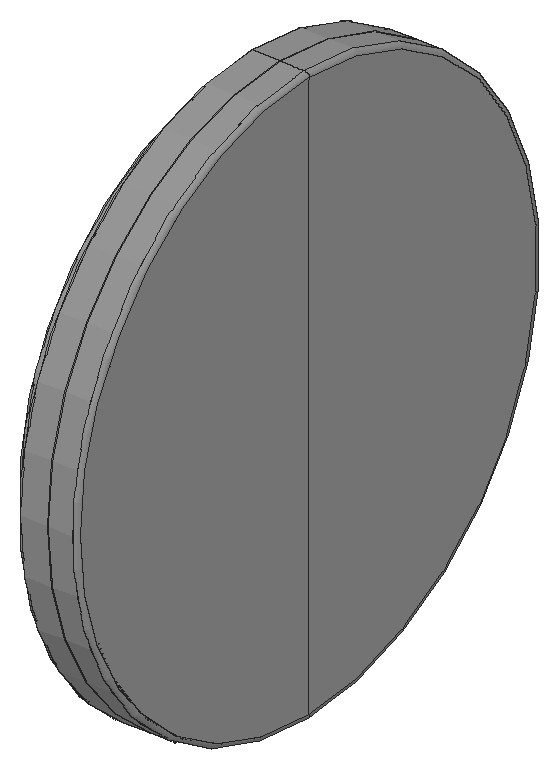
Revit family "IVLB_Generic_LF_Wall Mounted Luminaire Round", category Lighting Fixtures, Revit 2019 (continued)
Definition of nested family "Generic Lightsource"
  Parameters (values of type "FMS.1110.10 - Ø270 / 18W / 1120lm / 4000K")
      99.0916\r\n186.1571\t173.2273\t160.3064\t147.3979\t134.5054\t133.8004\t26.4433\t0\t0\t0\r\n0\t0\t0\t0\t0\t0\r\n405.3384\t404.7985\t404.2731\t402.9746\t400.9294\t398.9778\t395.1912\t391.2006\t387.1764\t383.1518\r\n379.3503\t373.2478\t366.6736\t360.0872\t353.4808\t347.1016\t338.8269\t329.9717\t321.1259\t312.2733\r\n303.6511\t293.3438\t282.42\t271.4857\t260.561\t249.8768\t237.5346\t224.5982\t211.6601\t198.736\r\n185.8092\t172.8976\t159.9952\t147.0924\t134.208\t131.9549\t19.0178\t0\t0\t0\r\n0\t0\t0\t0\t0\t0\r\n405.3384\t404.775\t404.2417\t402.941\t400.8877\t398.9141\t395.0686\t391.0953\t387.0939\t383.0703\r\n379.2465\t373.03\t366.4888\t359.9216\t353.3431\t346.971\t338.5451\t329.7328\t320.92\t312.0934\r\n303.4848\t293.0109\t282.1221\t271.2145\t260.3152\t249.6258\t237.1217\t224.202\t211.2903\t198.3835\r\n185.4706\t172.5647\t159.66\t146.7717\t133.8799\t129.6163\t13.1927\t0\t0\t0\r\n0\t0\t0\t0\t0\t0\r\n405.3384\t404.7527\t404.2068\t402.9019\t400.8767\t398.8558\t394.9637\t390.9782\t387.0011\t382.9988\r\n379.1382\t372.8305\t366.3205\t359.7944\t353.2392\t346.8416\t338.2971\t329.4929\t320.6819\t311.8859\r\n303.2565\t292.6827\t281.8284\t270.9715\t260.0963\t249.3876\t236.7404\t223.8309\t210.924\t198.0301\r\n185.1227\t172.2345\t159.3412\t146.4511\t133.5636\t127.1408\t8.7076\t0\t0\t0\r\n0\t0\t0\t0\t0\t0\r\n405.3384\t404.7317\t404.1685\t402.8573\t400.8341\t398.8203\t394.8729\t390.882\t386.8997\t382.9031\r\n379.0139\t372.6472\t366.1376\t359.6334\t353.1356\t346.7285\t338.0975\t329.2976\t320.4978\t311.7082\r\n303.0442\t292.3608\t281.5086\t270.6653\t259.8241\t249.1051\t236.3739\t223.483\t210.5936\t197.696\r\n184.8022\t171.9214\t159.0318\t146.1423\t133.2543\t124.7431\t5.3342\t0\t0\t0\r\n0\t0\t0\t0\t0\t0\r\n405.3384\t404.7118\t404.0854\t402.8071\t400.7827\t398.7607\t394.8082\t390.8197\t386.8117\t382.8145\r\n378.8745\t372.4566\t365.9558\t359.4647\t352.9636\t346.5217\t337.8337\t329.0692\t320.2987\t311.5096\r\n302.8013\t292.0593\t281.2296\t270.4093\t259.5758\t248.8064\t236.0021\t223.1017\t210.2133\t197.3263\r\n184.4407\t171.5452\t158.6583\t145.7732\t132.8917\t122.5723\t2.8944\t0\t0\t0\r\n0\t0\t0\t0\t0\t0\r\n405.3384\t404.6932\t404.0473\t402.7226\t400.7224\t398.6915\t394.7212\t390.7363\t386.7361\t382.7442\r\n378.7775\t372.3101\t365.7992\t359.3066\t352.8016\t346.3302\t337.6023\t328.8394\t320.0728\t311.2958\r\n302.561\t291.776\t280.951\t270.126\t259.3004\t248.5209\t235.6594\t222.7723\t209.8851\t196.9978\r\n184.1099\t171.2248\t158.3346\t145.4546\t132.5648\t120.8445\t1.2522\t0\t0\t0\r\n0\t0\t0\t0\t0\t0\r\n405.3384\t404.6757\t404.0125\t402.6704\t400.6365\t398.604\t394.6163\t390.6263\t386.6347\t382.642\r\n378.653\t372.1631\t365.664\t359.1642\t352.6514\t346.1579\t337.4057\t328.6338\t319.8737\t311.0997\r\n302.337\t291.5239\t280.7001\t269.8776\t259.0436\t248.2362\t235.3595\t222.4683\t209.58\t196.6886\r\n183.7994\t170.9097\t158.0181\t145.1276\t132.2357\t119.6415\t0.3076\t0\t0\t0\r\n0\t0\t0\t0\t0\t0\r\n405.3384\t404.6596\t403.9806\t402.6229\t400.5746\t398.5262\t394.5231\t390.5201\t386.5171\t382.514\r\n378.4993\t372.003\t365.4952\t358.999\t352.4911\t345.9949\t337.2046\t328.4142\t319.6239\t310.8453\r\n302.055\t291.2397\t280.4128\t269.5975\t258.7705\t247.9552\t235.0564\t222.1578\t209.2708\t196.372\r\n183.485\t170.5863\t157.6875\t144.8005\t131.9018\t119.0148\t0\t0\t0\t0\r\n0\t0\t0\t0\t0\t0\r\n405.3384\t404.6446\t403.952\t402.5799\t400.516\t398.4496\t394.4362\t390.4167\t386.393\t382.3765\r\n378.3639\t371.8594\t365.3463\t358.8345\t352.3221\t345.8186\t337.0218\t328.2282\t319.4233\t310.6293\r\n301.8361\t291.0019\t280.1697\t269.3256\t258.4827\t247.6533\t234.7581\t221.854\t208.9473\t196.0427\r\n183.1396\t170.2368\t157.3331\t144.4306\t131.5295\t118.923\t0.3058\t0\t0\t0\r\n0\t0\t0\t0\t0\t0\r\n405.3384\t404.6311\t403.9266\t402.5417\t400.4513\t398.3517\t394.3448\t390.3139\t386.2918\t382.2534\r\n378.238\t371.7358\t365.2058\t358.6709\t352.1332\t345.6284\t336.8455\t328.0252\t319.2071\t310.3886\r\n301.6022\t290.7741\t279.9105\t269.0599\t258.1993\t247.3735\t234.4901\t221.5727\t208.655\t195.7516\r\n182.8364\t169.9224\t157.0186\t144.1096\t131.2095\t119.4546\t1.2376\t0\t0\t0\r\n0\t0\t0\t0\t0\t0\r\n405.3384\t404.6189\t403.9044\t402.5099\t400.4048\t398.3042\t394.3046\t390.2607\t386.2346\t382.1535\r\n378.1197\t371.6271\t365.0667\t358.4953\t351.9348\t345.4342\t336.6778\t327.8251\t318.988\t310.1383\r\n301.3588\t290.557\t279.6705\t268.7827\t257.8964\t247.0828\t234.2295\t221.3067\t208.3745\t195.4454\r\n182.519\t169.6057\t156.6841\t143.7663\t130.8565\t120.461\t2.8438\t0\t0\t0\r\n0\t0\t0\t0\t0\t0\r\n405.3384\t404.608\t403.906\t402.4809\t400.3686\t398.2825\t394.3364\t390.2509\t386.1403\t382.0139\r\n377.9719\t371.5145\t364.9316\t358.3331\t351.741\t345.2569\t336.5322\t327.65\t318.7717\t309.893\r\n301.122\t290.3538\t279.4296\t268.5063\t257.6005\t246.812\t234.0133\t221.0577\t208.1226\t195.1708\r\n182.233\t169.2892\t156.3621\t143.428\t130.5101\t121.8491\t5.2081\t0\t0\t0\r\n0\t0\t0\t0\t0\t0\r\n405.3384\t404.5983\t403.8876\t402.4562\t400.3424\t398.3285\t394.312\t390.1748\t386.0001\t381.8499\r\n377.8465\t371.4423\t364.8155\t358.179\t351.5314\t345.0554\t336.4015\t327.4708\t318.5324\t309.5879\r\n300.8096\t290.1067\t279.1611\t268.2305\t257.289\t246.5037\t233.7899\t220.8066\t207.8411\t194.873\r\n181.9286\t168.9735\t156.0235\t143.0925\t130.1555\t123.4873\t8.4517\t0\t0\t0\r\n0\t0\t0\t0\t0\t0\r\n405.3384\t404.5901\t403.8694\t402.4354\t400.3632\t398.2964\t394.2634\t390.0534\t385.8948\t381.7277\r\n377.7335\t371.3662\t364.6894\t358.0074\t351.3178\t344.8397\t336.2562\t327.2573\t318.2671\t309.292\r\n300.5434\t289.9663\t278.9733\t267.9846\t257.0011\t246.2424\t233.6423\t220.6376\t207.6416\t194.6527\r\n181.66\t168.6794\t155.7053\t142.752\t129.7991\t125.1546\t12.7273\t0\t0\t0\r\n0\t0\t0\t0\t0\t0\r\n405.3384\t404.5832\t403.8511\t402.4184\t400.3294\t398.2373\t394.1753\t389.9932\t385.8207\t381.5858\r\n377.5585\t371.29\t364.5766\t357.8427\t351.0774\t344.5671\t336.1252\t327.126\t318.0989\t309.0717\r\n300.2725\t289.8361\t278.7856\t267.7468\t256.7121\t245.9428\t233.5014\t220.4496\t207.42\t194.3931\r\n181.3835\t168.3751\t155.3885\t142.4223\t129.4696\t126.6674\t18.2327\t0\t0\t0\r\n0\t0\t0\t0\t0\t0\r\n405.3384\t404.6161\t403.833\t402.4338\t400.2812\t398.117\t394.1504\t389.9734\t385.7276\t381.4258\r\n377.3816\t371.2392\t364.4718\t357.6674\t350.8628\t344.3271\t336.3727\t327.0146\t317.9224\t308.8102\r\n299.6801\t289.9237\t278.5829\t267.4993\t256.4203\t245.3261\t233.5789\t220.2411\t207.1712\t194.1138\r\n181.0807\t168.0584\t155.0612\t142.0858\t129.1328\t127.7426\t25.2025\t0\t0\t0\r\n0\t0\t0\t0\t0\t0\r\n405.3384\t404.6105\t403.8147\t402.4101\t400.2194\t398.0503\t394.1642\t389.934\t385.6217\t381.2896\r\n377.1953\t371.2003\t364.3795\t357.5497\t350.6777\t343.7901\t336.3331\t326.9098\t317.7336\t308.5378\r\n299.3341\t289.7717\t278.414\t267.2406\t256.0784\t244.9306\t233.4048\t220.0844\t206.987\t193.9063\r\n180.8452\t167.8011\t154.7799\t141.7801\t128.7982\t128.0121\t33.8934\t0\t0\t0\r\n0\t0\t0\t0\t0\t0\r\n405.3384\t404.605\t403.7961\t402.3797\t400.115\t397.9929\t394.1749\t389.882\t385.5568\t381.1715\r\n376.6631\t371.4951\t364.3355\t357.4079\t350.4678\t343.5064\t336.2424\t326.8117\t317.5627\t308.2892\r\n298.9902\t289.5725\t278.2428\t267.0234\t255.8103\t244.5868\t233.2271\t219.9634\t206.8227\t193.6957\r\n180.6021\t167.5443\t154.4957\t141.4702\t128.4705\t115.505\t70.026\t0\t0\t0\r\n0\t0\t0\t0\t0\t0\r\n405.3384\t404.5994\t403.7772\t402.343\t400.0582\t397.9547\t394.1952\t389.8748\t385.5291\t380.979\r\n376.4372\t371.47\t364.2569\t357.2705\t350.2636\t343.2284\t336.1012\t326.741\t317.3967\t308.0368\r\n298.6712\t289.3725\t278.1474\t266.8135\t255.5191\t244.2436\t233.0342\t219.8906\t206.6977\t193.5207\r\n180.3828\t167.2783\t154.2217\t141.1824\t128.1722\t115.1956\t80.4414\t0\t0\t0\r\n0\t0\t0\t0\t0\t0\r\n405.3384\t404.594\t403.7665\t402.3007\t400.0104\t397.8946\t394.467\t389.9452\t385.4255\t380.805\r\n376.2179\t371.3573\t364.2027\t357.1507\t350.0679\t342.9438\t335.905\t326.68\t317.25\t307.8176\r\n298.3724\t289.0673\t278.0222\t266.6515\t255.3003\t243.9401\t232.7582\t219.8133\t206.5867\t193.3789\r\n180.2056\t167.0687\t153.966\t140.8994\t127.8726\t114.8827\t90.1164\t0\t0\t0\r\n0\t0\t0\t0\t0\t0\r\n405.3384\t404.5889\t403.7442\t402.2253\t399.9717\t397.8259\t394.5256\t389.9394\t385.2649\t380.6538\r\n375.9641\t371.2248\t364.1789\t357.067\t349.8977\t342.6677\t335.6288\t326.6532\t317.1531\t307.6244\r\n298.0542\t288.478\t278.2469\t266.5399\t255.0597\t243.6182\t232.4332\t219.7955\t206.4902\t193.2133\r\n180.0012\t166.821\t153.6857\t140.5957\t127.5588\t114.5661\t98.6146\t0\t0\t0\r\n0\t0\t0\t0\t0\t0\r\n405.3384\t404.5838\t403.7204\t402.1836\t399.9493\t397.495\t394.6576\t389.8387\t385.1686\t380.5014\r\n375.729\t371.0605\t364.1878\t357.0066\t349.7365\t342.3831\t334.9798\t326.9611\t317.1042\t307.4527\r\n297.7974\t288.1146\t278.1369\t266.4125\t254.8729\t243.3316\t231.7822\t219.9393\t206.403\t193.0914\r\n179.8299\t166.6203\t153.466\t140.3518\t127.2713\t114.2585\t105.3682\t0\t0\t0\r\n0\t0\t0\t0\t0\t0\r\n405.3384\t404.579\t403.6953\t402.1453\t400.0044\t397.4328\t394.6846\t389.7831\t385.1052\t380.3588\r\n375.5172\t370.8454\t364.2472\t356.9647\t349.5864\t342.1389\t334.6459\t326.9338\t317.0698\t307.3364\r\n297.5463\t287.7394\t277.9639\t266.3589\t254.7041\t243.037\t231.404\t219.803\t206.3799\t193.0247\r\n179.6747\t166.415\t153.2216\t140.0873\t127.0126\t113.9921\t109.8199\t9.0426\t0\t0\r\n0\t0\t0\t0\t0\t0\r\n405.3384\t404.5744\t403.6691\t402.1103\t399.9781\t397.3776\t394.6495\t389.7577\t385.0555\t380.2439\r\n375.3168\t370.2787\t364.5973\t356.9471\t349.4699\t341.9308\t334.3338\t326.7694\t317.1018\t307.2337\r\n297.342\t287.4211\t277.6928\t266.3301\t254.5511\t242.8085\t231.0731\t219.5536\t206.3499\t192.9347\r\n179.5687\t166.2649\t153.016\t139.8234\t126.726\t113.6905\t111.2803\t21.7073\t0\t0\r\n0\t0\t0\t0\t0\t0\r\n405.3384\t404.57\t403.6421\t402.0785\t399.9533\t397.3665\t394.4977\t389.7642\t385.0355\t380.1533\r\n375.1312\t370.0104\t364.5699\t356.9602\t349.3932\t341.7532\t334.0283\t326.4707\t317.1654\t307.1994\r\n297.1718\t287.133\t277.0299\t266.5617\t254.4718\t242.5962\t230.7316\t218.9364\t206.6337\t192.9105\r\n179.4434\t166.087\t152.7988\t139.6068\t126.4833\t113.4569\t100.4945\t60.079\t0\t0\r\n0\t0\t0\t0\t0\t0\r\n405.3384\t404.5661\t403.6144\t402.0512\t399.9354\t397.2997\t394.4018\t389.8025\t385.0322\t380.0745\r\n374.9814\t369.7443\t364.4545\t357.0142\t349.3678\t341.6146\t333.7412\t325.8005\t317.4989\t307.1996\r\n297.0754\t286.8649\t276.6591\t266.3928\t254.4188\t242.4545\t230.4861\t218.5355\t206.5242\t192.8964\r\n179.3794\t165.9637\t152.639\t139.4008\t126.2545\t113.2052\t100.2394\t75.4175\t0\t0\r\n0\t0\t0\t0\t0\t0\r\n405.3384\t404.5625\t403.5863\t402.0218\t399.9104\t397.2171\t394.3045\t389.8927\t385.0511\t380.0149\r\n374.8455\t369.4904\t364.2419\t357.1219\t349.384\t341.4901\t333.5186\t325.4314\t317.3612\t307.2899\r\n297.0022\t286.6805\t276.276\t266.1102\t254.4772\t242.3425\t230.2194\t218.174\t206.3008\t192.9174\r\n179.3579\t165.8762\t152.4972\t139.2127\t126.0328\t112.9621\t100.0093\t87.0551\t0\t0\r\n0\t0\t0\t0\t0\t0\r\n405.3384\t404.5593\t403.5488\t401.9935\t399.8835\t397.1246\t394.2037\t390.2303\t385.0913\t379.9896\r\n374.7291\t369.2488\t363.6276\t357.5035\t349.4258\t341.4412\t333.3238\t325.0865\t317.0691\t307.6993\r\n297.0161\t286.5013\t276.02\t265.4718\t254.6844\t242.2835\t230.06\t217.8462\t205.7159\t193.2069\r\n179.3627\t165.7938\t152.3453\t139.0419\t125.8422\t112.7623\t99.7796\t94.113\t0.6105\t0\r\n0\t0\t0\t0\t0\t0\r\n405.3384\t404.5567\t403.4347\t401.9663\t399.8542\t396.9916\t393.8623\t390.3025\t385.1493\t379.9968\r\n374.6293\t369.0482\t363.3058\t357.4798\t349.5307\t341.4245\t333.1708\t324.8183\t316.3472\t307.7332\r\n297.0531\t286.4824\t275.7917\t265.0603\t254.4821\t242.3206\t229.9441\t217.6132\t205.3254\t193.1091\r\n179.3748\t165.764\t152.2793\t138.8941\t125.6464\t112.5384\t99.5694\t86.7243\t14.0692\t0\r\n0\t0\t0\t0\t0\t0\r\n405.3384\t404.5544\t403.4109\t401.9397\t399.8279\t396.9235\t393.766\t390.3402\t385.2395\t380.0227\r\n374.5426\t368.8806\t363.0291\t357.2464\t350.0081\t341.4712\t333.0914\t324.5758\t315.9704\t307.4474\r\n297.2703\t286.4865\t275.6403\t264.756\t253.843\t242.607\t229.9008\t217.4057\t204.9789\t192.7969\r\n179.4987\t165.7588\t152.175\t138.7541\t125.4881\t112.3504\t99.3709\t86.5437\t51.9517\t0\r\n0\t0\t0\t0\t0\t0\r\n405.3384\t404.5528\t403.3896\t401.9136\t399.7913\t396.957\t393.6984\t390.3419\t385.3606\t380.0818\r\n374.5\t368.7496\t362.7919\t356.6028\t350.0626\t341.5854\t333.0658\t324.4216\t315.6059\t306.7421\r\n297.6344\t286.5955\t275.5812\t264.5172\t253.4454\t242.4387\t229.9497\t217.306\t204.7451\t192.2166\r\n179.6744\t165.7968\t152.1564\t138.646\t125.329\t112.1759\t99.1985\t86.3772\t68.9502\t0\r\n0\t0\t0\t0\t0\t0\r\n405.3384\t404.5516\t403.3711\t401.8875\t399.7527\t396.9277\t393.6298\t390.2999\t385.7547\t380.1611\r\n374.5012\t368.6583\t362.5687\t356.2748\t349.9304\t341.7568\t333.1054\t324.2991\t315.3601\t306.3451\r\n297.4021\t286.7961\t275.6181\t264.4085\t253.1166\t241.8373\t230.2463\t217.3133\t204.529\t191.8469\r\n179.4606\t165.8616\t152.1382\t138.5889\t125.1903\t112.0098\t99.0178\t86.2149\t79.0059\t0\r\n0\t0\t0\t0\t0\t0\r\n405.3384\t404.5303\t403.3553\t401.8645\t399.7131\t396.9209\t393.5723\t390.1989\t385.8711\t380.2535\r\n374.5458\t368.6079\t362.4015\t355.9658\t349.3036\t342.1689\t333.2403\t324.278\t315.2144\t305.9895\r\n296.6392\t287.1356\t275.8011\t264.3885\t252.9357\t241.4441\t230.1178\t217.3521\t204.4354\t191.5936\r\n178.8542\t166.1287\t152.1585\t138.5008\t125.0791\t111.8622\t98.8722\t86.0895\t73.5113\t5.8064\r\n0\t0\t0\t0\t0\t0\r\n405.3384\t404.5303\t403.3424\t401.8359\t399.6738\t396.904\t393.5271\t389.8272\t385.9412\t380.4009\r\n374.6452\t368.602\t362.2897\t355.7113\t348.9026\t342.0438\t333.4533\t324.356\t315.1404\t305.736\r\n296.21\t286.8176\t276.3248\t264.5084\t252.8679\t241.1993\t229.4494\t217.6364\t204.4484\t191.4377\r\n178.5308\t165.8585\t152.2347\t138.4866\t125.0067\t111.7492\t98.7341\t85.9681\t73.4427\t41.0177\r\n0\t0\t0\t0\t0\t0\r\n405.3384\t404.5314\t403.3323\t401.8066\t399.6355\t396.8882\t393.4998\t389.7256\t385.9264\t380.8323\r\n374.7825\t368.6476\t362.2247\t355.5179\t348.5777\t341.3716\t333.8428\t324.5619\t315.1649\t305.6139\r\n295.8944\t286.068\t276.276\t264.795\t252.9611\t241.028\t229.1012\t217.1796\t204.5856\t191.3702\r\n178.2755\t165.3108\t152.4401\t138.5329\t124.9629\t111.6537\t98.6364\t85.8681\t73.3923\t59.4422\r\n0\t0\t0\t0\t0\t0\r\n405.3384\t404.5334\t403.3254\t401.7768\t399.5834\t396.8724\t393.5563\t389.6813\t385.8296\t380.9686\r\n374.9634\t368.7467\t362.223\t355.3988\t348.3247\t340.9663\t333.6105\t325.0909\t315.3013\t305.5958\r\n295.7167\t285.6879\t275.5196\t265.2641\t253.1643\t241.0284\t228.9013\t216.7619\t204.7197\t191.4431\r\n178.1426\t165.025\t152.054\t138.6238\t124.949\t111.5808\t98.5317\t85.7999\t73.3521\t67.4468\r\n0\t0\t0\t0\t0\t0\r\n405.3384\t404.5367\t403.3213\t401.747\t399.553\t396.8551\t393.5253\t389.642\t385.4196\t381.0143\r\n375.4341\t368.8936\t362.2811\t355.3633\t348.149\t340.6463\t332.8952\t325.0567\t315.6054\t305.7209\r\n295.6694\t285.4283\t275.0861\t264.6206\t253.7214\t241.2356\t228.8857\t216.5051\t204.1542\t191.7482\r\n178.1912\t164.8347\t151.6841\t138.7372\t124.9638\t111.5467\t98.4431\t85.7156\t73.3308\t61.2799\r\n6.6224\t0\t0\t0\t0\t0\r\n405.3384\t404.541\t403.3206\t401.7173\t399.5263\t396.8348\t393.4891\t389.6228\t385.3035\t380.9705\r\n375.6064\t369.1065\t362.3871\t355.4019\t348.059\t340.4189\t332.5297\t324.353\t315.9992\t306.0013\r\n295.7691\t285.3359\t274.8118\t264.0762\t253.4617\t241.8475\t229.0559\t216.4579\t203.8582\t191.3277\r\n178.4886\t164.7975\t151.4218\t138.2923\t125.0643\t111.5119\t98.3871\t85.6566\t73.3292\t61.3845\r\n41.3401\t0\t0\t0\t0\t0\r\n405.3384\t404.7046\t403.3351\t401.6085\t399.5025\t396.8106\t393.4101\t389.6964\t385.2267\t380.5909\r\n375.6608\t369.6146\t362.5887\t355.5216\t348.0628\t340.3035\t332.2796\t323.9612\t315.3815\t306.4951\r\n296.0045\t285.4293\t274.6916\t263.7186\t252.6951\t241.7657\t229.4357\t216.6186\t203.7814\t190.9543\r\n178.3774\t164.9054\t151.3423\t137.993\t125.0188\t111.5486\t98.3549\t85.6161\t73.3518\t61.5005\r\n54.5145\t0\t0\t0\t0\t0\r\n405.3384\t404.7094\t403.3409\t401.5892\t399.4806\t396.7853\t393.3861\t389.647\t385.1911\t380.4752\r\n375.5799\t369.7733\t362.8838\t355.7241\t348.1677\t340.311\t332.135\t323.6844\t314.9275\t305.9445\r\n296.5192\t285.7241\t274.7325\t263.6059\t252.3232\t240.938\t229.682\t217.0354\t203.8964\t190.8667\r\n177.8483\t165.1045\t151.4128\t137.8197\t124.5862\t111.6542\t98.3596\t85.6026\t73.3081\t61.567\r\n50.2719\t0\t0\t0\t0\t0\r\n405.3384\t404.7141\t403.3495\t401.5769\t399.4597\t396.7589\t393.3787\t389.6141\t385.2819\t380.3954\r\n375.1982\t369.7519\t363.3915\t356.0194\t348.3778\t340.4279\t332.1175\t323.54\t314.6307\t305.4612\r\n295.9656\t286.2757\t275.0119\t263.7288\t252.2133\t240.5678\t228.8725\t217.2219\t204.3601\t191.0024\r\n177.7549\t164.5951\t151.6169\t137.856\t124.3917\t111.3335\t98.3751\t85.5165\t73.2932\t61.597\r\n50.4839\t26.8985\t0\t0\t0\t0\r\n405.3384\t404.7188\t403.3611\t401.5899\t399.4393\t396.7318\t393.3783\t389.5778\t385.2799\t380.4048\r\n375.1029\t369.354\t363.4329\t356.5509\t348.7107\t340.6772\t332.2579\t323.5399\t314.5046\t305.1188\r\n295.5188\t285.63\t275.5222\t264.0384\t252.342\t240.479\t228.5121\t216.4262\t204.4988\t191.6613\r\n177.9175\t164.4704\t151.1862\t138.14\t124.3921\t111.0641\t98.3014\t85.4755\t73.1886\t61.5768\r\n50.6169\t43.8035\t0\t0\t0\t0\r\n405.3384\t404.7234\t403.3758\t401.5932\t399.3558\t396.7043\t393.383\t389.5381\t385.271\t380.3873\r\n375.0389\t369.2482\t363.0412\t356.6073\t349.2775\t341.0511\t332.5546\t323.7019\t314.5615\t305.0088\r\n295.2657\t285.1407\t274.8439\t264.3864\t252.9603\t240.7003\t228.4626\t216.1193\t203.7058\t191.2839\r\n178.5866\t164.7027\t151.1153\t137.7422\t124.6359\t111.0334\t97.9491\t85.3922\t73.0802\t61.4885\r\n50.6435\t40.5048\t0\t0\t0\t0\r\n405.3384\t404.7278\t403.3938\t401.6032\t399.3484\t396.6726\t393.3886\t389.4997\t385.2549\t380.3738\r\n375.1114\t369.2206\t362.9224\t356.2011\t349.3184\t341.6044\t333.2293\t324.0355\t314.7893\t305.1249\r\n295.2219\t284.9551\t274.4342\t263.6396\t252.6034\t241.2841\t228.7342\t216.1549\t203.4536\t190.7548\r\n178.0519\t165.358\t151.3808\t137.7373\t124.3116\t111.2524\t97.8365\t85.0967\t72.89\t61.3103\r\n50.5893\t40.6649\t9.0488\t0\t0\t0\r\n405.3384\t404.7319\t403.4151\t401.6204\t399.3511\t396.567\t393.4076\t389.4614\t385.2324\t380.3628\r\n375.0971\t369
